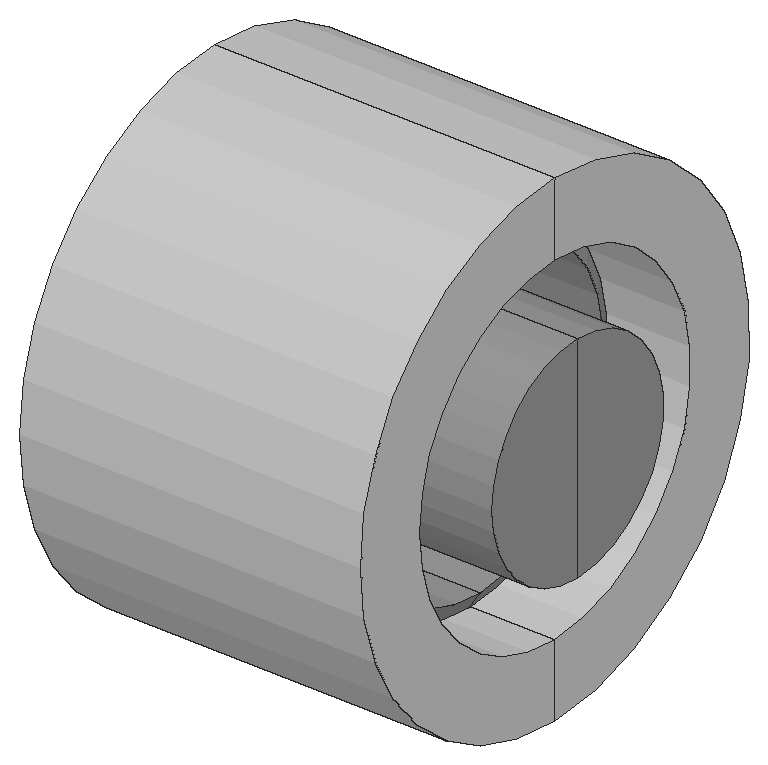
Revit family "6098_Kunststoffrohranschlüsse G 3_4 für PE-X & PB-Kunststoffrohre", category Rohrformteile, Revit 2021
Family settings
  Bemaßung runder Anschluss = Durchmesser verwenden
  Teiletyp = Verbindung
  OmniClass-Nummer = 23.65.55.14
  OmniClass-Titel = Valves for Liquid Services
  Arbeitsebenenbasiert = Nein
  Immer vertikal = Ja
  Beim Laden mit Abzugskörper schneiden = Nein
  Gemeinsam genutzt = Nein
Parameters (values of type "20x3.4")
  Vorgabe-Ansicht = 0.000 mm
  URL = "www.herz-armaturen.at"
  Tülle = "CW617N"  # constant formula
  TL04 [instance] = if([20x3.4], 15.500 mm, 0.000 mm)  # 15.500 mm
  TL03 [instance] = if([20x3.4], 1.500 mm, 0.000 mm)  # 1.500 mm
  TL02 [instance] = if([20x3.4], 11.000 mm, 0.000 mm)  # 11.000 mm
  TL01 [instance] = if([20x3.4], 4.300 mm, 0.000 mm)  # 4.300 mm
  TL00 [instance] = if([20x3.4], 24.000 mm, 0.000 mm)  # 24.000 mm
  TD04 [instance] = if([20x3.4], 6.600 mm, 0.000 mm)  # 6.600 mm
  TD03 [instance] = if([20x3.4], 9.650 mm, 0.000 mm)  # 9.650 mm
  TD02 [instance] = if([20x3.4], 11.100 mm, 0.000 mm)  # 11.100 mm
  TD01 [instance] = if([20x3.4], 12.000 mm, 0.000 mm)  # 12.000 mm
  TD00 = 9.000 mm  # constant formula
  SCRNSEQ = "AWI;AWI_TYP=\"1001\";2"
  SCRNCODE = "07;01;02"  # constant formula
  S02 = 5.000 mm  # constant formula
  S01 = 5.000 mm  # constant formula
  O-Ring = "EPDM"  # constant formula
  Nennweite_Press [instance] = if([20x3.4], 20.000 mm, 0.000 mm)  # 20.000 mm
  Nennweite = 20.000 mm  # constant formula
  Mutter = "CW617N, G 3/4"  # constant formula
  Medium = "Heizungswasser nach ÖNORM H5195 oder VDI- Richtlinie 2035.\r\nDie Verwendung von Ethylen- oder Propyleneglykol in einem Mischungsverhältnis 25-50% ist zulässig."
  Max. Betriebstemperatur = 95 °C  # constant formula
  Max. Betriebsdruck = 1000000.0 Pa  # constant formula
  ML02 [instance] = if([20x3.4], 15.400 mm, 0.000 mm)  # 15.400 mm
  ML01 [instance] = TL02 + KL01  # 17.000 mm
  ML00 [instance] = if([20x3.4], 21.000 mm, 0.000 mm)  # 21.000 mm
  MD02 [instance] = if([20x3.4], 10.500 mm, 0.000 mm)  # 10.500 mm
  MD01 = 12.000 mm  # constant formula
  MD00 [instance] = if([20x3.4], 15.000 mm, 0.000 mm)  # 15.000 mm
  Klemmring = "CW617N"  # constant formula
  KL02 [instance] = (KL00 - KL01) / 2  # 1.000 mm
  KL01 [instance] = if([20x3.4], 6.000 mm, 0.000 mm)  # 6.000 mm
  KL00 = 8.000 mm  # constant formula
  KH00 [instance] = if([20x3.4], 1.575 mm, 0.000 mm)  # 1.575 mm
  Hinweiß zum Werkstoff = "Gemäß Art 33 der REACH-Verordnung (EG Nr. 1907/2006) sind wir verpflichtet, darauf hinzuweisen, dass der Stoff Blei auf der SVHC-Liste geführt wird und dass alle aus Messing bestehenden Bauteile, die in unseren Erzeugnissen verarbeitet sind, mehr als 0,1 % (w/w) Blei (CAS: 7439-92-1 / EINECS: 231-100-4) enthalten.\r\nDa Blei als Legierungsbestandteil fest gebunden ist, sind keine Expositionen zu erwarten und daher sind keine zusätzlichen Angaben zur sicheren Verwendung notwendig."
  Hersteller = "HERZ Armaturen Ges.m.b.H."  # constant formula
  Bestellnummer = if([20x3.4], 1609819, 0)  # 1609819
  Ausführung = "6098 G 3/4 - 20mm:\r\nKunststoffrohranschluss mit Doppel-O-Ring, bestehend aus Schlauchtülle mit Konus, Schlauchklemmring und Überwurfmutter G 3/4 mit Konus."
  Anwendungsgebiet = "Die Kunststoffrohranschlüsse sind geeignet für Heizungsinstallationen der Anwendungsklassen 1,2, 4 und 5, gemäß ISO 10508, für Rohre aus PE-X (EN ISO 15875) und PE-RT (EN ISO 22391).\r\nDie Vorgaben der Rohrhersteller bezüglich Druck und Temperatur sind zu beachten.\r\nDer Kunststoffrohranschluss stellt eine absolut sichere Verbindung zwischen Rohr und Ventilgehäuse dar.\r\nDiese Verbindung kann bei Bedarf jederzeit gelöst werden.\r\nEine einwandfreie Dichtheit ist auf Dauer nur dann gegeben, wenn die Montage ordnungsgemäß nach HERZ-Montageanleitung durchgeführt wurde."
  20x3.4 = yes
Reference planes
  plane 1 "Mitte (Vorne/hinten)": y = 0
  plane 2: z = 0
  plane 3 "Mitte (Links/rechts)": x = 0
Forms (mm)
  Revolve 1, solid, material "Messing, weicher Gelbton, geschweißt", detail levels fine
    sketch origin (-63.82, 0, 0) x (1, 0, 0) y (0, 0, 1)
      loop
        line (63.82, 0) -> (87.82, 0) -> (87.82, 6.6) -> (72.32, 6.6) -> (72.32, 9.65) -> (74.82, 11.1) -> (74.82, 12) -> (73.32, 12) -> (68.12, 9) -> (63.82, 9) -> (63.82, 0)
      axis (63.82, 0) -> (87.82, 0)
    angle from 0 to 360
  Revolve 2, solid, material "Messing, vernickelt", detail levels fine
    sketch origin (-64.32, 0, 0) x (1, 0, 0) y (0, 0, 1)
      loop
        line (65.92, 12) -> (81.32, 12) -> (81.32, 10.5) -> (86.92, 10.5) -> (86.92, 15) -> (65.92, 15) -> (65.92, 12)
      axis (65.92, 0) -> (86.92, 0)
    angle from 0 to 360
  Revolve 3, solid, material "Messing, weicher Gelbton, geschweißt", detail levels fine
    sketch origin (0, 0, 0) x (1, 0, 0) y (0, 0, 1)
      loop
        line (10, 9.525) -> (18, 9.525) -> (17, 11.1) -> (11, 11.1) -> (10, 9.525)
      axis (10, 0) -> (18, 0)
    angle from 0 to 360
Lines and regions (mm)
  model lines, detail levels coarse+medium
    curve 1: line (0, 0, 0) -> (24, 0, 0)
    curve 2: line (5, 0, 15) -> (5, 0, -15)
    curve 3: line (5, 0, -15) -> (10, 0, -15)
    curve 4: line (10, 0, -15) -> (5, 0, 0)
    curve 5: line (5, 0, 15) -> (10, 0, 15)
    curve 6: line (10, 0, 15) -> (5, 0, 0)
    curve 7: line (5, 15, 0) -> (5, -15, 0)
    curve 8: line (5, -15, 0) -> (10, -15, 0)
    curve 9: line (10, -15, 0) -> (5, 0, 0)
    curve 10: line (5, 15, 0) -> (10, 15, 0)
    curve 11: line (10, 15, 0) -> (5, 0, 0)
Dimensions and locks
  "TL01": Revolve 1 sketch curve to plane 3 "Mitte (Links/rechts)"
  "TL02": Revolve 1 sketch curve to plane 3 "Mitte (Links/rechts)"
  "TL00": Revolve 1 sketch curve to Revolve 1 sketch curve
  "TL03": Revolve 1 sketch curve to Revolve 1 sketch curve
  "TL04": Revolve 1 sketch curve to Revolve 1 sketch curve
  "TL02": Revolve 3 sketch curve to plane 3 "Mitte (Links/rechts)"
  "KL00": Revolve 3 sketch curve to Revolve 3 sketch curve
  "KH00": Revolve 3 sketch curve to Revolve 3 sketch curve
  "TD02": Revolve 3 sketch curve to plane 2
  "TD04": Revolve 1 sketch curve to plane 2
  "TD03": Revolve 1 sketch curve to plane 2
  "TD02": Revolve 1 sketch curve to plane 2
  "TD01": Revolve 1 sketch curve to plane 2
  "TD00": Revolve 1 sketch curve to plane 2
  "KL01": Revolve 3 sketch curve to Revolve 3 sketch curve
  "KL02": Revolve 3 sketch curve to Revolve 1
  "ML01": Revolve 2 sketch curve to plane 3 "Mitte (Links/rechts)"
  "ML00": Revolve 2 sketch curve to Revolve 2 sketch curve
  "ML02": Revolve 2 sketch curve to Revolve 2 sketch curve
  "MD00": Revolve 2 sketch curve to plane 2
  "MD01": Revolve 2 sketch curve to plane 2
  "MD02": Revolve 2 sketch curve to plane 2
  "TL00": curve 1 to curve 1
  "S01": curve 2 to plane 3 "Mitte (Links/rechts)"
  "S02": curve 2 to curve 6
  "MD00": curve 5 to plane 2 to curve 3
  "MD00": curve 8 to plane 1 "Mitte (Vorne/hinten)" to curve 10
  "S01": plane 3 "Mitte (Links/rechts)" to curve 7
  "S02": curve 7 to curve 11
  aligned and locked: level to plane 2
Automatic sketch dimensions
  curve 1 to level = 0.000 mm
  curve 1 to plane 3 "Mitte (Links/rechts)" = 0.000 mm
  curve 4 to level = 0.000 mm
  curve 2 to curve 4 = 5.000 mm
  curve 6 to curve 4 = 0.000 mm
  plane 1 "Mitte (Vorne/hinten)" to curve 9 = 0.000 mm
  plane 1 "Mitte (Vorne/hinten)" to curve 11 = 0.000 mm
  curve 7 to curve 8 = 5.000 mm
  Revolve 1 sketch curve to level = 0.000 mm  (x2)
  Revolve 1 sketch curve to plane 3 "Mitte (Links/rechts)" = 0.000 mm
  Revolve 1 sketch curve to plane 3 "Mitte (Links/rechts)" = 1570.350 mm
  Revolve 1 sketch curve to Revolve 1 sketch curve = 1757.728 mm
  Revolve 2 sketch curve to level = 0.000 mm
  Revolve 2 sketch curve to plane 3 "Mitte (Links/rechts)" = 1570.850 mm
  Revolve 2 sketch curve to Revolve 2 sketch curve = 1757.488 mm
  Revolve 3 sketch curve to level = 0.000 mm
  Revolve 3 sketch curve to plane 3 "Mitte (Links/rechts)" = 1506.530 mm
  Revolve 3 sketch curve to Revolve 3 sketch curve = 1825.548 mm
Connectors
  piping at (17, 0, 0), diameter 20, driven by "Nennweite"
    settings: on Revolve 2, index 1, connector inside diameter 609.6 mm, connector length 0.000 mm, flow factor 0, pipe flow 0.0 L/s, pressure drop 0.0 Pa, fitting loss kfactor 0, connector angle 0.00°, fixture units 0, engagement length 0.000 mm, angle of deflection 0.00°, flow configuration 0, flow direction 0, fitting loss method 0, system type 29, joint type 0, gender type 0, connector reference index -1, connector utility 0, adjustable connector no, is connector primary yes, connector description ""
  piping at (8.5, 0, 0), diameter 20, driven by "Nennweite_Press"
    settings: on Revolve 1, index 2, connector inside diameter 609.6 mm, connector length 0.000 mm, flow factor 0, pipe flow 0.0 L/s, pressure drop 0.0 Pa, fitting loss kfactor 0, connector angle 0.00°, fixture units 0, engagement length 0.000 mm, angle of deflection 0.00°, flow configuration 0, flow direction 0, fitting loss method 0, system type 29, joint type 0, gender type 0, connector reference index -1, connector utility 0, adjustable connector no, is connector primary no, connector description ""
